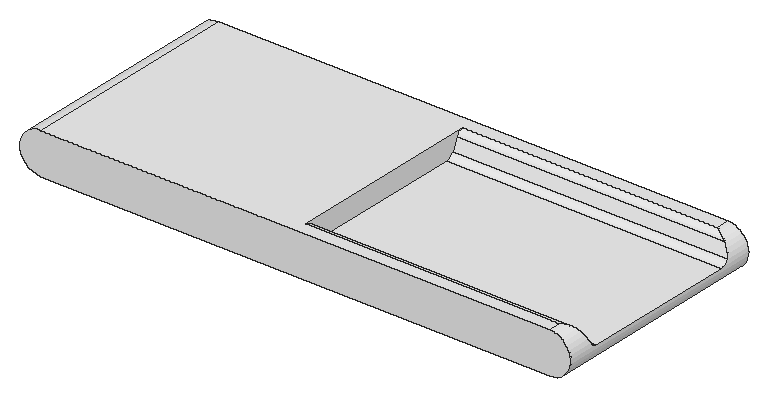
Revit family "LQ6235551_Jabonera Ducha Liquid Mate Black", category Furniture, host Wall, Revit 2019
Family settings
  Host = Wall
  OmniClass Number = 23.31.25.29.11
  OmniClass Title = Hand Soap Holders
  Always vertical = Yes
  Cut with Voids When Loaded = No
  Shared = No
  Room Calculation Point = No
Parameters (values of type "Type 1")
  Uso = "Residencial"  # constant formula
  URL = "https://corona.co/productos/accesorios/jabonera-ducha-liquid/p/LQ6235551"
  Tecnologías = "DuraCrome"  # constant formula
  Resistencia = "Resistente a la corrosión\r\npelado y decoloración por agua\r\nResistencia al peso general hasta 9 kg\r\nResistencia al peso del toallero barra hasta 23 kg"  # constant formula
  Referencia = "LQ6060001"  # constant formula
  Profundidad = 105 mm  # constant formula
  Número de piezas = "6"  # constant formula
  Material = Corona_Mate_Black
  Manufacturer = "Corona"  # constant formula
  Línea = "Liquid"  # constant formula
  Garantía Acabados = "5 años en acabados"  # constant formula
  Garantía = "30 años en estructura"  # constant formula
  Fecha de creación = "9/10/2020"  # constant formula
  Description = "La jabonera ducha Liquid, galardonada con el premio de diseño internacional Red Dot Design Award, es la mejor forma de modernizar tu baño y darle un toque único, mientras te proporciona seguridad y funcionalidad con una resistencia de hasta 9 kilos de carga. ¡Adquiérela ahora!"  # constant formula
  Creado por = "IDD"  # constant formula
  Componentes = "Percha - Toallero - Jabonera - Barra - Cepillera - Portarrollo"  # constant formula
  Colección = "Liquid"  # constant formula
  Ancho = 260 mm  # constant formula
  Altura = 900 mm
  Alto = 19.5 mm  # constant formula
Reference planes
  plane 1 "Wall": y = 0
  plane 2 "Center (Left/Right)": x = 125
  plane 3 "Back": y = 75
  plane 4: z = 900
  plane 5: x = 255
  plane 6: x = -5
  plane 7: z = 909.75
  plane 8: z = 890.25
  plane 9: y = 180
Text (mm)
  text "Placement Side" at (-1848.837, 1116.779, 0), in view "Ref. Level"
  text "Placement side" at (0, 1409.804, 2854.306), in view "Left"
  text "Placement side" at (0, 499.811, 2980.732), in view "Right"
Dimensions and locks
  locked: plane 3 "Back" to host wall
  equal spacing: plane 8, plane 4, plane 7
  "Alto": plane 8 to plane 7
  equal spacing: plane 6, plane 2 "Center (Left/Right)", plane 5
  "Ancho": plane 6 to plane 5
  "Profundidad": plane 9 to host wall
  plane 4 to plane 8 = 9.75 mm
  "Altura": plane 4 to level
  aligned and locked: plane 1 "Wall" to host wall
  aligned and locked: nested 1 to plane 7
  aligned and locked: nested 3 to plane 7
  aligned and locked: nested 3 to plane 5
  aligned and locked: nested 4 to plane 9
  aligned and locked: nested 4 to plane 5
  aligned and locked: nested 2 to plane 7
  aligned and locked: host wall to nested 2
  aligned and locked: plane 5 to nested 2
Nested families
  nested 1: "Lateral" at (125, 75, 890.25) x (0, -1, 0) z (1, 0, 0), type "Lateral"
  nested 2: "Jabonera" at (-5, 127.5, 890.25), type "Jabonera"
  nested 3: "Frontal" at (255, 0, 890.25) x (-1, 0, 0) z (0, -1, 0), type "Frontal"
  nested 4: "Planta" at (-5, 75, 0), type "Planta"
Definition of nested family "Jabonera"
  Parameters (values of type "Jabonera")
    Profundidad = 105 mm
    Material = none
    Ancho = 260 mm
    Alto = 19.5 mm
  Reference planes
    plane 1 "Center (Front/Back)": y = 0
    plane 2: z = 0
    plane 3 "Center (Left/Right)": x = 0
    plane 4: x = 260
    plane 5: y = 52.5
    plane 6: y = -52.5
    plane 7: z = 19.5
  Forms (mm)
    Extrusion 1, solid, material <- "Material", detail levels coarse
      sketch origin (0, 0, 0) x (1, 0, 0) y (0, 1, 0)
        loop
          line (0, 52.5) -> (0, -52.5) -> (260, -52.5) -> (260, 52.5) -> (0, 52.5)
      from 0 to 19.5
    Extrusion 2, solid, material <- "Material", detail levels medium+fine
      sketch origin (0, 0, 0) x (1, 0, 0) y (0, 0, 1)
        loop
          arc (9.75, 19.5) -> (0, 9.75) -> (9.75, 0) r 9.75
          line (9.75, 0) -> (250.25, 0)
          arc (250.25, 0) -> (260, 9.75) -> (250.25, 19.5) r 9.75
          line (250.25, 19.5) -> (9.75, 19.5)
      from -52.5 to 52.5
    Extrusion 3, void
      sketch origin (0, 0, 0) x (0, 1, 0) y (0, 0, 1)
        loop
          line (-36.827, 9.75) -> (36.827, 9.75)
          arc (36.827, 9.75) -> (38.976, 10.376) -> (40.452, 12.06) r 4
          line (40.452, 12.06) -> (42.845, 17.19)
          arc (42.845, 17.19) -> (44.321, 18.874) -> (46.47, 19.5) r 4
          line (46.47, 19.5) -> (-46.47, 19.5)
          arc (-46.47, 19.5) -> (-44.321, 18.874) -> (-42.845, 17.19) r 4
          line (-42.845, 17.19) -> (-40.452, 12.06)
          arc (-40.452, 12.06) -> (-38.976, 10.376) -> (-36.827, 9.75) r 4
      from 130 to 260
  Cuts and joins
    Extrusion 3 cuts Extrusion 2
  Dimensions and locks
    equal spacing: plane 5, plane 1 "Center (Front/Back)", plane 6
    "Profundidad": plane 5 to plane 6
    "Ancho": plane 3 "Center (Left/Right)" to plane 4
    "Alto": plane 7 to level
    aligned and locked: level to plane 2
    aligned and locked: Extrusion 1 sketch curve to plane 5
    aligned and locked: plane 4 to Extrusion 1 sketch curve
    aligned and locked: Extrusion 1 sketch curve to plane 6
    aligned and locked: Extrusion 1 to plane 7
    aligned and locked: Extrusion 2 to plane 5
    aligned and locked: Extrusion 3 to plane 4
  Automatic sketch dimensions
    Extrusion 1 sketch curve to plane 3 "Center (Left/Right)" = 0 mm
    Extrusion 2 sketch curve to plane 7 = 0 mm
    plane 3 "Center (Left/Right)" to Extrusion 2 sketch curve = 9.75 mm
    plane 4 to Extrusion 2 sketch curve = 9.75 mm
    Extrusion 2 sketch curve to level = 0 mm
    Extrusion 3 sketch curve to plane 7 = 0 mm
    plane 6 to Extrusion 3 sketch curve = 6.03 mm
    Extrusion 3 sketch curve to plane 7 = 2.31 mm  (x2)
    Extrusion 3 sketch curve to Extrusion 3 sketch curve = 3.625 mm  (x4)
    Extrusion 3 sketch curve to plane 7 = 7.44 mm  (x2)
    Extrusion 3 sketch curve to Extrusion 3 sketch curve = 2.393 mm  (x2)
    Extrusion 3 sketch curve to plane 5 = 15.673 mm
    Extrusion 3 sketch curve to Extrusion 3 sketch curve = 2.31 mm
    Extrusion 3 sketch curve to Extrusion 3 sketch curve = 0 mm
Definition of nested family "Lateral"
  Reference planes
    plane 1 "Center (Front/Back)": y = 0
    plane 2: z = 0
    plane 3 "Center (Left/Right)": x = 0
    plane 4: y = 19.5
    plane 5: x = -105
  Lines and regions (mm)
    detail lines, in view "Ref. Level"
      curve 1: line (0, 0, 0) -> (-98, 0, 0)
      curve 2: line (0, 19.5, 0) -> (0, 0, 0)
      curve 3: line (-98, 19.5, 0) -> (0, 19.5, 0)
      curve 4: line (-105, 7, 0) -> (-105, 12.5, 0)
      curve 5: arc (-98, 0, 0) -> (-102.95, 2.05, 0) -> (-105, 7, 0) r 7
      curve 6: arc (-105, 12.5, 0) -> (-102.95, 17.45, 0) -> (-98, 19.5, 0) r 7
      curve 7: line (-84.897, 11, 0) -> (-20.103, 11, 0)
      curve 8: line (-88.993, 13.132, 0) -> (-93.452, 19.5, 0)
      curve 9: line (-16.007, 13.132, 0) -> (-11.548, 19.5, 0)
      curve 10: arc (-88.993, 13.132, 0) -> (-87.206, 11.565, 0) -> (-84.897, 11, 0) r 5
      curve 11: arc (-20.103, 11, 0) -> (-17.794, 11.565, 0) -> (-16.007, 13.132, 0) r 5
  Dimensions and locks
    aligned and locked: curve 1 to plane 1 "Center (Front/Back)"
    aligned and locked: curve 2 to plane 3 "Center (Left/Right)"
    aligned and locked: curve 3 to plane 4
    aligned and locked: plane 5 to curve 4
Definition of nested family "Frontal"
  Reference planes
    plane 1 "Center (Front/Back)": y = 0
    plane 2: z = 0
    plane 3 "Center (Left/Right)": x = 0
    plane 4: x = 260
    plane 5: y = 19.5
  Lines and regions (mm)
    detail lines, in view "Ref. Level"
      curve 1: line (252, 0, 0) -> (8, 0, 0)
      curve 2: line (260, 11.5, 0) -> (260, 8, 0)
      curve 3: line (8, 19.5, 0) -> (252, 19.5, 0)
      curve 4: line (0, 8, 0) -> (0, 11.5, 0)
      curve 5: arc (0, 11.5, 0) -> (2.343, 17.157, 0) -> (8, 19.5, 0) r 8
      curve 6: arc (252, 19.5, 0) -> (257.657, 17.157, 0) -> (260, 11.5, 0) r 8
      curve 7: arc (8, 0, 0) -> (2.343, 2.343, 0) -> (0, 8, 0) r 8
      curve 8: arc (260, 8, 0) -> (257.657, 2.343, 0) -> (252, 0, 0) r 8
  Dimensions and locks
    aligned and locked: curve 3 to plane 5
    aligned and locked: curve 2 to plane 4
Definition of nested family "Planta"
  Reference planes
    plane 1 "Center (Front/Back)": y = 0
    plane 2: z = 0
    plane 3 "Center (Left/Right)": x = 0
    plane 4: x = 260
    plane 5: y = 105
  Lines and regions (mm)
    detail lines, in view "Ref. Level"
      curve 1: line (0, 105, 0) -> (260, 105, 0)
      curve 2: line (0, 0, 0) -> (0, 105, 0)
      curve 3: line (260, 0, 0) -> (0, 0, 0)
      curve 4: line (260, 105, 0) -> (260, 0, 0)
      curve 5: line (260, 90, 0) -> (130, 90, 0)
      curve 6: line (130, 15, 0) -> (260, 15, 0)
      curve 7: line (130, 90, 0) -> (130, 15, 0)
